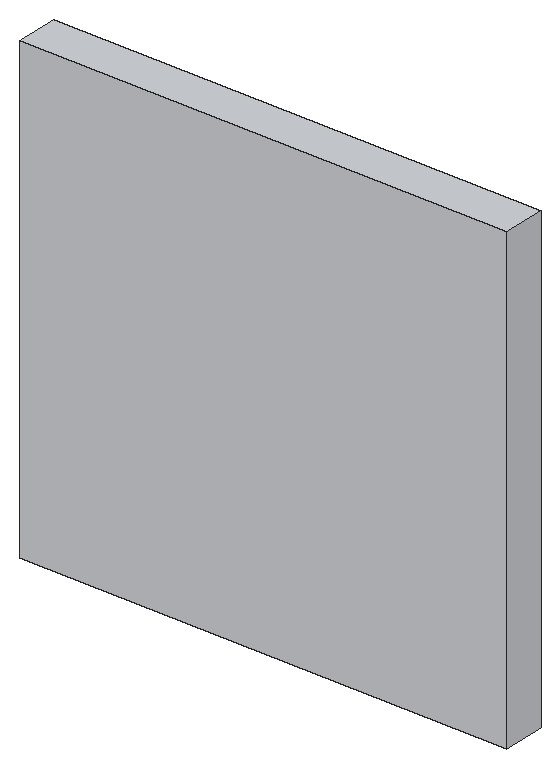
Revit family "ELQ-OTR-AEC-Network_Box", category Electrical Fixtures, host Face, Revit 2016
Family settings
  Host = Face
  Maintain Annotation Orientation = No
  Part Type = Normal
  Round Connector Dimension = Use Diameter
  Cut with Voids When Loaded = No
  Shared = No
  Room Calculation Point = No
Parameters (values of type "Standard")
  Width = 85 mm
  Type Comments = ""
  Symbol Line Offset_Vertical [instance] = 0 mm
  Symbol Line Offset_Horizontal [instance] = 1000 mm
  Symbol <Detail Items> = DTL-ELE-AEC-N-Box : Standard
  Material = Plastic - White
  Height = 85 mm
  Description = ""
  Depth = 10 mm
  Default Elevation [instance] = 300 mm
Reference planes
  plane 1 "Center (Front/Back)": y = -76.2
  plane 2 "Center (Left/Right)": x = 0
  plane 3 "Actual Face": y = -76.2
  plane 4 "Bottom": z = 0
  plane 5: z = 300
  plane 6 "Symbol Offset Horizontal Ref": y = -76.2
  plane 7 "Symbol Offset Vetical Ref": x = 0
  plane 8: y = 296.781
  plane 9: x = -826.944
  plane 10: x = -1000
Forms (mm)
  Extrusion 1, solid
    sketch origin (0, -76.2, 0) x (1, 0, 0) y (0, 0, 1)
      loop
        line (-278.12, 0) -> (260, 0) -> (260, 511.658) -> (-278.12, 511.658) -> (-278.12, 0)
    from 47.096 to 0
  Extrusion 2, solid, material "Plastic - White" <- "Material"
    sketch origin (0, -76.2, 0) x (1, 0, 0) y (0, 0, 1)
      loop
        line (42.5, 300) -> (42.5, 385) -> (-42.5, 385) -> (-42.5, 300) -> (42.5, 300)
    from 0 to -10
  Extrusion 3, void
    sketch origin (22.187, -66.2, -0.44) x (-1, 0, 0) y (0, 0, 1)
      loop
        line (14.187, 338.94) -> (30.187, 338.94) -> (30.187, 352.94) -> (14.187, 352.94) -> (14.187, 338.94)
    from 0 to -5
  Extrusion 4, solid, material "Plastic - White" <- "Material"
    sketch origin (22.187, -71.2, -0.44) x (-1, 0, 0) y (0, 0, 1)
      loop
        line (22.187, 350.124) -> (17.187, 350.124) -> (17.187, 345.124) -> (18.393, 345.124) -> (18.393, 341.401) -> (22.187, 341.401) -> (25.982, 341.401) -> (25.982, 345.124) -> (27.187, 345.124) -> (27.187, 350.124) -> (22.187, 350.124)
      loop
        line (14.187, 352.94) -> (14.187, 338.94) -> (30.187, 338.94) -> (30.187, 352.94) -> (14.187, 352.94)
    from 0 to 4
Cuts and joins
  Extrusion 3 cuts Extrusion 2
Lines and regions (mm)
  model lines, style "InvisibleLines"
    curve 1: line (-10, -76.2, 0) -> (10, -76.2, 0)
    curve 2: line (0, -86.2, 0) -> (0, -66.2, 0)
Dimensions and locks
  "Symbol Line Offset_Vertical": plane 1 "Center (Front/Back)" to plane 3 "Actual Face"
  "Default Elevation": plane 4 "Bottom" to plane 5
  equal spacing: Extrusion 2 sketch curve, plane 2 "Center (Left/Right)", Extrusion 2 sketch curve
  "Width": Extrusion 2 to Extrusion 2
  "Height": plane 5 to Extrusion 2
  "Depth": Extrusion 2 to Extrusion 2
  "Symbol Line Offset_Horizontal": plane 10 to plane 7 "Symbol Offset Vetical Ref"
  aligned and locked: plane 4 "Bottom" to level
  aligned and locked: plane 6 "Symbol Offset Horizontal Ref" to plane 3 "Actual Face"
  aligned and locked: Extrusion 2 sketch curve to plane 5
  aligned and locked: plane 7 "Symbol Offset Vetical Ref" to nested 1
  aligned and locked: nested 1 to plane 6 "Symbol Offset Horizontal Ref"
  aligned and locked: Extrusion 4 sketch curve to cut or joined group of Extrusion 2, Extrusion 3  (x4)
Automatic sketch dimensions
  Extrusion 1 sketch curve to Extrusion 1 sketch curve = 538.12 mm
  Extrusion 1 sketch curve to Extrusion 1 sketch curve = 511.658 mm
  plane 5 to Extrusion 2 sketch curve = 85 mm
  Extrusion 2 sketch curve to plane 2 "Center (Left/Right)" = 42.5 mm
  Extrusion 3 sketch curve to Extrusion 2 = 50.5 mm
  Extrusion 3 sketch curve to Extrusion 2 = 34.5 mm
  Extrusion 3 sketch curve to Extrusion 2 = 38.5 mm
  Extrusion 3 sketch curve to Extrusion 3 sketch curve = 14 mm
  plane 1 "Center (Front/Back)" to curve 1 = 0 mm
  curve 2 to plane 2 "Center (Left/Right)" = 0 mm
  curve 1 to plane 2 "Center (Left/Right)" = 10 mm
  plane 2 "Center (Left/Right)" to curve 1 = 10 mm
  plane 1 "Center (Front/Back)" to curve 2 = 10 mm
  curve 2 to plane 1 "Center (Front/Back)" = 10 mm
  Extrusion 4 sketch curve to Extrusion 3 = 3 mm
  Extrusion 4 sketch curve to Extrusion 4 sketch curve = 1.205 mm  (x2)
  Extrusion 4 sketch curve to Extrusion 4 sketch curve = 3.795 mm  (x2)
  Extrusion 4 sketch curve to Extrusion 4 sketch curve = 5 mm
  Extrusion 4 sketch curve to Extrusion 3 = 2.46 mm
  Extrusion 4 sketch curve to Extrusion 4 sketch curve = 3.723 mm  (x2)
  Extrusion 4 sketch curve to Extrusion 3 = 2.816 mm
Nested families
  nested 1: "DTL-ELE-AEC-N-Box" at (0, -76.2, 0), type <- "Symbol <Detail Items>", type "Standard"
Connectors
  electrical at (0, -76.2, 342.5)
    settings: on cut or joined group of Extrusion 2, Extrusion 3, index 1, voltage 0 V, apparent load 0 VA, apparent load phase1 0 VA, apparent load phase2 0 VA, apparent load phase3 0 VA, power factor 1, load classification "Other", number of poles 1, system type 5, power factor state 1, is connector primary yes, connector utility no, sub classification motor no, connector description ""
Definition of nested family "DTL-ELE-AEC-N-Box"
  Reference planes
    plane 1 "Center (Front/Back)": y = 0
    plane 2: z = 0
    plane 3 "Center (Left/Right)": x = 0
  Lines and regions (mm)
    detail lines, in view "Ref. Level"
      curve 1: line (-150, 0, 0) -> (150, 0, 0)
      curve 2: line (-150, 300, 0) -> (-150, 0, 0)
      curve 3: line (150, 300, 0) -> (-150, 300, 0)
      curve 4: line (150, 0, 0) -> (150, 300, 0)
      curve 5: line (0, 150, 0) -> (-62.5, 258.253, 0)
      curve 6: line (-62.5, 258.253, 0) -> (-62.5, 48.253, 0)
      curve 7: line (0, 150, 0) -> (58.744, 48.253, 0)
      curve 8: line (58.744, 48.253, 0) -> (58.744, 258.253, 0)
